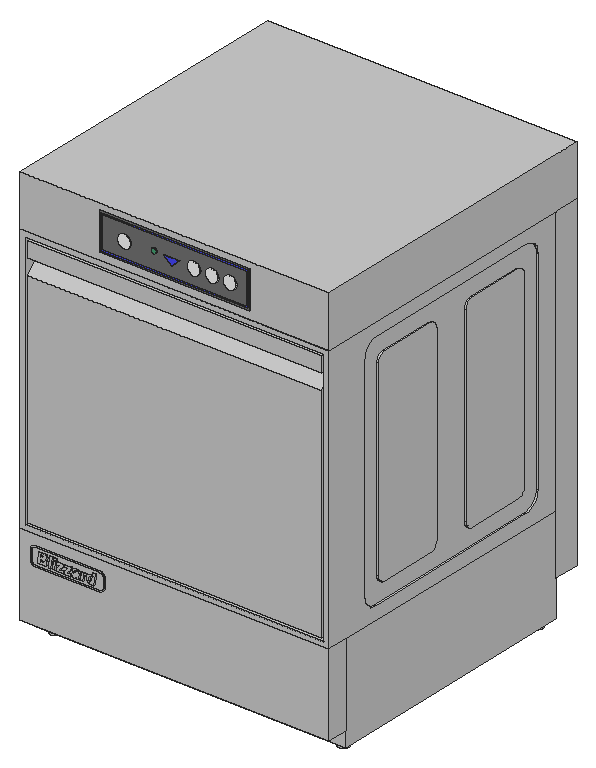
Revit family "QF_BLIZZARD_STORM50BTDP", category Specialty Equipment, Revit 2016
Family settings
  Part Type = Normal
  Round Connector Dimension = Use Diameter
  OmniClass Number = 23.40.40.14.31
  OmniClass Title = Cleaning and Disposal Equipment
  Work Plane-Based = No
  Always vertical = Yes
  Cut with Voids When Loaded = No
  Shared = No
  Room Calculation Point = No
Parameters (values of type "STORM50BTDP")
  URL = "www.blizzardequipment.com"
  Show Logo [instance] = yes
  Show Clearance [instance] = yes
  Model = "STORM50BTDP"
  Manufacturer = "BLIZZARD"
  Legs height [instance] = 170 mm
  Description = "STORM GLASSWASHER 500X500MM WITH BREAK TANK & DRAIN PUMP"
  Assembly Code = "E1090320"
Reference planes
  plane 1 "Back": y = 0
  plane 2: z = 0
  plane 3 "Left": x = 0
  plane 4 "Right": x = 600
  plane 5 "Front": y = -600
  plane 6 "Top": z = 820
Forms (mm)
  Extrusion 1, solid
    sketch origin (50, 687.394, 40) x (0, -1, 0) y (0, 0, 1)
      loop
        line (687.394, 680.013) -> (687.394, 42.551) -> (737.394, 42.551) -> (737.394, 680.013) -> (687.394, 680.013)
    from -550 to 50
  Extrusion 2, solid
    sketch origin (50, 577.394, 145) x (0, -1, 0) y (0, 0, 1)
      loop
        line (577.394, 675) -> (577.394, 575.013) -> (1177.394, 575.013) -> (1177.394, 675) -> (577.394, 675)
    from -550 to 50
  Extrusion 3, solid
    sketch origin (50, 577.394, -370) x (0, -1, 0) y (0, 0, 1)
      loop
        line (627.394, 570) -> (627.394, 381.179) -> (1137.394, 381.179) -> (1137.394, 570) -> (627.394, 570)
    from -550 to 50
  Extrusion 4, solid
    sketch origin (5.431, 66.549, -127.332) x (0, 1, 0) y (0, 0, 1)
      loop
        line (-193.549, 402.332) -> (-193.549, 772.345)
        arc (-193.549, 772.345) -> (-197.942, 782.952) -> (-208.549, 787.345) r 15
        line (-208.549, 787.345) -> (-318.549, 787.345)
        arc (-318.549, 787.345) -> (-329.155, 782.952) -> (-333.549, 772.345) r 15
        line (-333.549, 772.345) -> (-333.549, 402.332)
        arc (-333.549, 402.332) -> (-329.155, 391.725) -> (-318.549, 387.332) r 15
        line (-318.549, 387.332) -> (-208.549, 387.332)
        arc (-208.549, 387.332) -> (-197.942, 391.725) -> (-193.549, 402.332) r 15
      loop
        line (-406.549, 402.332) -> (-406.549, 772.345)
        arc (-406.549, 772.345) -> (-410.942, 782.952) -> (-421.549, 787.345) r 15
        line (-421.549, 787.345) -> (-531.549, 787.345)
        arc (-531.549, 787.345) -> (-542.155, 782.952) -> (-546.549, 772.345) r 15
        line (-546.549, 772.345) -> (-546.549, 402.332)
        arc (-546.549, 402.332) -> (-542.155, 391.725) -> (-531.549, 387.332) r 15
        line (-531.549, 387.332) -> (-421.549, 387.332)
        arc (-421.549, 387.332) -> (-410.942, 391.725) -> (-406.549, 402.332) r 15
    from -5.431 to -0.431
  Extrusion 5, solid
    sketch origin (594.569, 66.549, -130) x (0, 1, 0) y (0, 0, -1)
      loop
        arc (-193.549, -405) -> (-197.942, -394.393) -> (-208.549, -390) r 15
        line (-208.549, -390) -> (-318.549, -390)
        arc (-318.549, -390) -> (-329.155, -394.393) -> (-333.549, -405) r 15
        line (-333.549, -405) -> (-333.549, -775.013)
        arc (-333.549, -775.013) -> (-329.155, -785.62) -> (-318.549, -790.013) r 15
        line (-318.549, -790.013) -> (-208.549, -790.013)
        arc (-208.549, -790.013) -> (-197.942, -785.62) -> (-193.549, -775.013) r 15
        line (-193.549, -775.013) -> (-193.549, -405)
      loop
        arc (-406.549, -405) -> (-410.942, -394.393) -> (-421.549, -390) r 15
        line (-421.549, -390) -> (-531.549, -390)
        arc (-531.549, -390) -> (-542.155, -394.393) -> (-546.549, -405) r 15
        line (-546.549, -405) -> (-546.549, -775.013)
        arc (-546.549, -775.013) -> (-542.155, -785.62) -> (-531.549, -790.013) r 15
        line (-531.549, -790.013) -> (-421.549, -790.013)
        arc (-421.549, -790.013) -> (-410.942, -785.62) -> (-406.549, -775.013) r 15
        line (-406.549, -775.013) -> (-406.549, -405)
    from -5.431 to -0.431
  Extrusion 6, solid
    sketch origin (0, 0, -130) x (1, 0, 0) y (0, 0, 1)
      loop
        line (0, 850.013) -> (0, 330) -> (600, 330) -> (600, 850.013) -> (0, 850.013)
      loop
        line (10, 840.013) -> (10, 340) -> (590, 340) -> (590, 840.013) -> (10, 840.013)
    from 50 to 600
  Extrusion 7, solid
    sketch origin (0, 20, -135) x (0, 1, 0) y (0, 0, 1)
      loop
        line (-620, 810.013) -> (-610.417, 810.013) -> (-610.417, 828.455) -> (-590.417, 828.455) -> (-590.417, 809.243) -> (-620, 779.66) -> (-620, 350) -> (-580, 350) -> (-580, 840.013) -> (-620, 840.013) -> (-620, 810.013)
    from 15 to 585
  Extrusion 8, solid
    sketch origin (0, 20, 40) x (0, 1, 0) y (0, 0, 1)
      loop
        line (-580, 160) -> (-620, 160) -> (-620, 0) -> (-580, 0) -> (-580, 160)
    from 0 to 600
  Extrusion 9, solid
    sketch origin (0, -415, -130) x (0, 1, 0) y (0, 0, 1)
      loop
        line (-135, 840.013) -> (-145, 840.013) -> (-145, 340) -> (-135, 340) -> (-135, 840.013)
    from 10 to 590
  Extrusion 10, solid
    sketch origin (-99.268, -599.5, -21.974) x (-1, 0, 0) y (0, 0, 1)
      loop
        line (-545, 830) -> (-545, 757.559) -> (-253.536, 757.559) -> (-253.536, 830) -> (-545, 830)
    from -1 to 1
  Extrusion 11, solid, visible <- "Show Logo"
    sketch origin (-177.291, -599.5, -632.856) x (-1, 0, 0) y (0, 0, 1)
      loop
        line (-207.755, 812.856) -> (-331.271, 812.856)
        arc (-331.271, 812.856) -> (-338.67, 809.791) -> (-341.735, 802.392) r 10.464
        line (-341.735, 802.392) -> (-341.735, 787.392)
        arc (-341.735, 787.392) -> (-338.67, 779.993) -> (-331.271, 776.928) r 10.464
        line (-331.271, 776.928) -> (-207.755, 776.928)
        arc (-207.755, 776.928) -> (-200.356, 779.993) -> (-197.291, 787.392) r 10.464
        line (-197.291, 787.392) -> (-197.291, 802.392)
        arc (-197.291, 802.392) -> (-200.356, 809.791) -> (-207.755, 812.856) r 10.464
      loop
        line (-207.755, 810.856) -> (-331.271, 810.856)
        arc (-331.271, 810.856) -> (-337.256, 808.377) -> (-339.735, 802.392) r 8.464
        line (-339.735, 802.392) -> (-339.735, 787.392)
        arc (-339.735, 787.392) -> (-337.256, 781.407) -> (-331.271, 778.928) r 8.464
        line (-331.271, 778.928) -> (-207.755, 778.928)
        arc (-207.755, 778.928) -> (-201.77, 781.407) -> (-199.291, 787.392) r 8.464
        line (-199.291, 787.392) -> (-199.291, 802.392)
        arc (-199.291, 802.392) -> (-201.77, 808.377) -> (-207.755, 810.856) r 8.464
    from -1 to 1
  Extrusion 12, solid, visible <- "Show Logo"
    sketch origin (3.606, 21, -76.918) x (1, 0, 0) y (0, 0, 1)
      loop
        line (30.587, 228.481) -> (44.749, 228.857)
        arc (44.749, 228.857) -> (49.768, 233.478) -> (47.063, 239.741) r 5.894
        arc (47.063, 239.741) -> (48.729, 246.617) -> (42.285, 249.538) r 5.547
        line (42.285, 249.538) -> (33.172, 249.538) -> (30.587, 228.481)
      loop
        line (36.658, 232.978) -> (42.704, 232.978)
        arc (42.704, 232.978) -> (44.625, 234.898) -> (42.704, 236.819) r 1.921
        line (42.704, 236.819) -> (37.13, 236.819) -> (36.658, 232.978)
      loop
        line (37.256, 241.423) -> (42.802, 241.423)
        arc (42.802, 241.423) -> (44.723, 243.344) -> (42.802, 245.264) r 1.921
        line (42.802, 245.264) -> (37.728, 245.264) -> (37.256, 241.423)
      loop
        line (52.105, 228.421) -> (57.105, 228.421) -> (59.698, 249.538) -> (54.698, 249.538) -> (52.105, 228.421)
      loop
        line (60, 228.421) -> (65, 228.421) -> (66.892, 243.832) -> (61.892, 243.832) -> (60, 228.421)
      loop
        line (61.983, 244.575) -> (67.494, 244.575) -> (68.103, 249.538) -> (62.593, 249.538) -> (61.983, 244.575)
      loop
        line (68.784, 239.859) -> (74.946, 239.859) -> (67.947, 231.215) -> (67.947, 228.421) -> (81.379, 228.421) -> (81.379, 232.273) -> (75.019, 232.273) -> (82.004, 240.899) -> (82.004, 243.832) -> (69.272, 243.832) -> (68.784, 239.859)
      loop
        line (83.284, 239.859) -> (89.446, 239.859) -> (82.447, 231.215) -> (82.447, 228.421) -> (95.879, 228.421) -> (95.879, 232.273) -> (89.519, 232.273) -> (96.504, 240.899) -> (96.504, 243.832) -> (83.772, 243.832) -> (83.284, 239.859)
      loop
        arc (103.395, 238.896) -> (105.439, 241.195) -> (106.867, 238.469) r 1.87
        line (106.867, 238.469) -> (101.835, 237.44)
        arc (101.835, 237.44) -> (98.76, 230.604) -> (106.218, 229.849) r 4.62
        line (106.218, 229.849) -> (107.645, 228.421) -> (112.645, 228.421) -> (111.375, 230.622) -> (112.465, 239.505)
        arc (112.465, 239.505) -> (105.449, 244.583) -> (98.432, 239.505) r 7.387
        line (98.432, 239.505) -> (103.395, 238.896)
      loop
        line (114.231, 228.421) -> (119.218, 228.421) -> (120.249, 236.819)
        arc (120.249, 236.819) -> (122.276, 239.388) -> (125.515, 239.859) r 4.419
        line (125.515, 239.859) -> (126.961, 243.832) -> (123.41, 243.832) -> (121.123, 242.512) -> (121.123, 243.832) -> (116.123, 243.832) -> (114.231, 228.421)
      loop
        arc (137.816, 242.746) -> (125.76, 237.684) -> (136.057, 229.626) r 7.581
        line (136.057, 229.626) -> (136.057, 228.421) -> (141.057, 228.421) -> (143.65, 249.538) -> (138.65, 249.538) -> (137.816, 242.746)
      loop
        spline (133.323, 232.229) -> (134.09, 232.277) -> (134.838, 232.6) -> (135.517, 233.178) -> (136.081, 233.97) -> (136.492, 234.924) -> (136.72, 235.972) -> (136.752, 237.045) -> (136.584, 238.069) -> (136.229, 238.975) -> (135.709, 239.7) -> (135.062, 240.195) -> (134.33, 240.426)
        spline (134.33, 240.426) -> (133.564, 240.379) -> (132.816, 240.055) -> (132.136, 239.477) -> (131.572, 238.685) -> (131.162, 237.732) -> (130.933, 236.683) -> (130.901, 235.61) -> (131.069, 234.586) -> (131.425, 233.681) -> (131.944, 232.956) -> (132.592, 232.46) -> (133.323, 232.229)
    from 620 to 622
  Extrusion 13, solid, visible <- "Show Clearance", detail levels coarse
    sketch origin (0, -415, -170) x (0, 1, 0) y (0, 0, 1)
      loop
        line (-185, 385) -> (-185, 875.013)
        arc (-185, 875.013) -> (-531.492, 731.492) -> (-675.013, 385) r 490.013
        line (-675.013, 385) -> (-185, 385)
    from 15 to 585
  Extrusion 14, solid
    sketch origin (-17.519, 49.541, 0) x (1, 0, 0) y (0, 1, 0)
      loop
        circle (37.519, -589.541) r 5
    from 5.109 to 11.179
  Extrusion 15, solid
    sketch origin (-17.519, 49.541, 0) x (1, 0, 0) y (0, 1, 0)
      loop
        circle (37.519, -589.541) r 10
    from 0 to 5.109
  Extrusion 16, solid
    sketch origin (-17.519, -659.541, 0) x (1, 0, 0) y (0, 1, 0)
      loop
        circle (37.519, 589.541) r 5
    from 5.109 to 11.179
  Extrusion 17, solid
    sketch origin (-17.519, -659.541, 0) x (1, 0, 0) y (0, 1, 0)
      loop
        circle (37.519, 589.541) r 10
    from 0 to 5.109
  Extrusion 18, solid
    sketch origin (617.519, 49.541, 0) x (-1, 0, 0) y (0, -1, 0)
      loop
        circle (37.519, 589.541) r 5
    from 5.109 to 11.179
  Extrusion 19, solid
    sketch origin (617.519, 49.541, 0) x (-1, 0, 0) y (0, -1, 0)
      loop
        circle (37.519, 589.541) r 10
    from 0 to 5.109
  Extrusion 20, solid
    sketch origin (617.519, -659.541, 0) x (-1, 0, 0) y (0, -1, 0)
      loop
        circle (37.519, -589.541) r 5
    from 5.109 to 11.179
  Extrusion 21, solid
    sketch origin (617.519, -659.541, 0) x (-1, 0, 0) y (0, -1, 0)
      loop
        circle (37.519, -589.541) r 10
    from 0 to 5.109
  Extrusion 22, void
    sketch origin (8.942, 88.818, -170) x (0, 1, 0) y (0, 0, 1)
      loop
        line (-180.818, 425) -> (-180.818, 835.013)
        arc (-180.818, 835.013) -> (-189.605, 856.227) -> (-210.818, 865.013) r 30
        line (-210.818, 865.013) -> (-573.818, 865.013)
        arc (-573.818, 865.013) -> (-595.032, 856.227) -> (-603.818, 835.013) r 30
        line (-603.818, 835.013) -> (-603.818, 425)
        arc (-603.818, 425) -> (-595.032, 403.787) -> (-573.818, 395) r 30
        line (-573.818, 395) -> (-210.818, 395)
        arc (-210.818, 395) -> (-189.605, 403.787) -> (-180.818, 425) r 30
    from -13.942 to -3.942
  Extrusion 23, void
    sketch origin (591.058, 66.818, -170) x (0, 1, 0) y (0, 0, -1)
      loop
        arc (-158.818, -425) -> (-167.605, -403.787) -> (-188.818, -395) r 30
        line (-188.818, -395) -> (-551.818, -395)
        arc (-551.818, -395) -> (-573.032, -403.787) -> (-581.818, -425) r 30
        line (-581.818, -425) -> (-581.818, -835.013)
        arc (-581.818, -835.013) -> (-573.032, -856.227) -> (-551.818, -865.013) r 30
        line (-551.818, -865.013) -> (-188.818, -865.013)
        arc (-188.818, -865.013) -> (-167.605, -856.227) -> (-158.818, -835.013) r 30
        line (-158.818, -835.013) -> (-158.818, -425)
    from -13.942 to -3.942
  Extrusion 24, solid
    sketch origin (36.634, 21, 0) x (1, 0, 0) y (0, 0, 1)
      loop
        circle (166.253, 770.64) r 12.423
    from 620 to 622
  Extrusion 25, solid
    sketch origin (171.634, 21, 0) x (1, 0, 0) y (0, 0, 1)
      loop
        circle (166.253, 770.64) r 12.423
    from 620 to 622
  Extrusion 26, solid
    sketch origin (206.634, 21, 0) x (1, 0, 0) y (0, 0, 1)
      loop
        circle (166.253, 770.64) r 12.423
    from 620 to 622
  Extrusion 27, solid
    sketch origin (241.634, 21, 0) x (1, 0, 0) y (0, 0, 1)
      loop
        circle (166.253, 770.64) r 12.423
    from 620 to 622
  Extrusion 28, solid
    sketch origin (94.211, 21, 4.386) x (1, 0, 0) y (0, 0, 1)
      loop
        circle (166.253, 770.64) r 5
    from 620 to 622
  Extrusion 29, solid
    sketch origin (-99.268, -600, -26.974) x (-1, 0, 0) y (0, 0, 1)
      loop
        line (-540, 830) -> (-540, 767.559) -> (-258.536, 767.559) -> (-258.536, 830) -> (-540, 830)
      loop
        line (-542, 832) -> (-542, 765.559) -> (-256.536, 765.559) -> (-256.536, 832) -> (-542, 832)
    from -1 to 1
  Extrusion 30, solid
    sketch origin (-99.268, -600, -56.974) x (-1, 0, 0) y (0, 0, 1)
      loop
        line (-409.732, 832) -> (-394.732, 817) -> (-379.732, 832) -> (-409.732, 832)
    from -1 to 1
Cuts and joins
  Extrusion 23 cuts Extrusion 4
  Extrusion 22, Extrusion 23 cuts Extrusion 6
Lines and regions (mm)
  reference lines
    curve 1: line (0, -183.475, 1485) -> (0, -697.791, 1021.908)
  symbolic lines, style "200-EquipBorder-2D"
    curve 2: line (0, 0, 0) -> (600, 0, 0)
    curve 3: line (0, -600, 0) -> (0, 0, 0)
    curve 4: line (600, -600, 0) -> (0, -600, 0)
    curve 5: line (600, 0, 0) -> (600, -600, 0)
  symbolic lines, style "QF_Door-Drawer Clearances", visible <- "Show Clearance"
    curve 6: line (15, -600, 0) -> (15, -1090.013, 0)
    curve 7: line (15, -1090.013, 0) -> (585, -1090.013, 0)
    curve 8: line (585, -1090.013, 0) -> (585, -600, 0)
Dimensions and locks
  plane 3 "Left" to plane 4 "Right" = 600 mm
  plane 5 "Front" to plane 1 "Back" = 600 mm
  plane 1 "Back" to plane 5 "Front" = 600 mm
  plane 4 "Right" to plane 3 "Left" = 600 mm
  plane 6 "Top" to level = 820 mm  (x2)
  aligned and locked: level to plane 2
